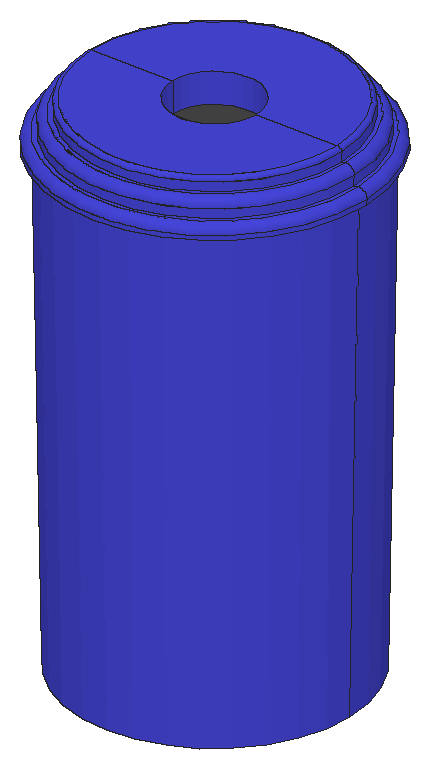
Revit family "Feuerloescher-Familie1", category Sonderausstattung, Revit 2017
Family settings
  Bemaßung runder Anschluss = Durchmesser verwenden
  Teiletyp = Normal
  OmniClass-Nummer = 23.15.30.21.11
  OmniClass-Titel = Bins
  Arbeitsebenenbasiert = Nein
  Immer vertikal = Ja
  Beim Laden mit Abzugskörper schneiden = Nein
  Gemeinsam genutzt = Nein
  Raumberechnungspunkt = Nein
Parameters (values of type "55A/233B")
  Typenbild = 55A-233B.jpg
  Loescheinheit = 15
  Kosten = 200
  Beschreibung = "Feuerloescher"
Types (11, lengths in mm): name | Typenbild | Loescheinheit | Kosten
  (no name) | 55A-233B.jpg | 15 | 200
  5A/21B | 5A-21B.jpg | 1 | 20
  8A/34B | 8A-34B.jpg | 2 | 40
  55B | 55B.jpg | 3 | 60
  13A/70B | 13A-70B.jpg | 4 | 80
  89B | 89B.jpg | 5 | 100
  21A/113B | 21A-113B.jpg | 6 | 120
  27A/144B | 27A-144B.jpg | 9 | 140
  34A | 34A.jpg | 10 | 160
  43A/183B | 43A-183B.jpg | 12 | 180
  55A/233B | 55A-233B.jpg | 15 | 200
Reference planes
  plane 1 "Mitte (Vorne/hinten)": y = 0
  plane 2: z = 0
  plane 3 "Mitte (Links/rechts)": x = 0
  plane 4: x = -215.9
  plane 5: x = 215.9
  plane 6: y = 215.9
  plane 7: y = -215.9
Forms (mm)
  Blend 1, solid, material "Kunststoff - Blau"
    base sketch origin (0, 0, 0) x (1, 0, 0) y (0, 1, 0)
      loop
        circle (0, 0) r 203.2
    top sketch origin (0, 0, 0) x (1, 0, 0) y (0, 1, 0)
      loop
        circle (0, 0) r 215.9
    from 0 to 698.5
  Revolve 2, solid, material "Kunststoff - Blau"
    sketch origin (0, 0, 0) x (1, 0, 0) y (0, 0, 1)
      loop
        line (0, 698.5) -> (228.6, 698.5) -> (228.6, 704.85)
        arc (228.6, 704.85) -> (224.88, 713.83) -> (215.9, 717.55) r 12.7
        line (215.9, 717.55) -> (209.55, 717.55) -> (209.55, 730.25)
        arc (209.55, 730.25) -> (205.83, 739.23) -> (196.85, 742.95) r 12.7
        line (196.85, 742.95) -> (190.5, 742.95) -> (190.5, 755.65)
        arc (190.5, 755.65) -> (188.64, 760.14) -> (184.15, 762) r 6.35
        line (184.15, 762) -> (63.5, 762) -> (63.5, 717.55) -> (0, 717.55) -> (0, 698.5)
      axis (0, 698.5) -> (0, 762)
    angle from 0 to 360
Lines and regions (mm)
  symbolic lines, detail levels medium+fine
    curve 1: line (-40.173, -263.525, 502.762) -> (-15.366, -263.525, 545.728)
    curve 2: line (-15.366, -263.525, 545.728) -> (19.853, -263.525, 545.728)
    curve 3: line (19.853, -263.525, 545.728) -> (38.101, -263.525, 514.121)
    curve 4: line (38.101, -263.525, 514.121) -> (49.66, -263.525, 520.903)
    curve 5: line (49.66, -263.525, 520.903) -> (34.28, -263.525, 489.798)
    curve 6: line (34.28, -263.525, 489.798) -> (-0.384, -263.525, 491.952)
    curve 7: line (-0.384, -263.525, 491.952) -> (11.616, -263.525, 498.993)
    curve 8: line (11.616, -263.525, 498.993) -> (-15.088, -263.525, 544.506)
    curve 9: line (2.423, -263.525, 514.661) -> (-13.57, -263.525, 487.403)
    curve 10: line (-13.57, -263.525, 487.403) -> (-40.173, -263.525, 502.762)
    curve 11: line (28.308, -263.525, 474.385) -> (55.076, -263.525, 489.839)
    curve 12: line (55.076, -263.525, 489.839) -> (79.89, -263.525, 446.861)
    curve 13: line (79.89, -263.525, 446.861) -> (62.174, -263.525, 416.668)
    curve 14: line (62.174, -263.525, 416.668) -> (26.143, -263.525, 416.668)
    curve 15: line (26.143, -263.525, 416.668) -> (26.143, -263.525, 402.133)
    curve 16: line (26.143, -263.525, 402.133) -> (6.508, -263.525, 431.586)
    curve 17: line (6.508, -263.525, 431.586) -> (25.922, -263.525, 460.707)
    curve 18: line (25.922, -263.525, 460.707) -> (25.922, -263.525, 446.747)
    curve 19: line (25.922, -263.525, 446.747) -> (44.525, -263.525, 446.747)
    curve 20: line (28.308, -263.525, 474.385) -> (62.174, -263.525, 416.668)
    curve 21: line (-66.486, -263.525, 483.221) -> (-29.761, -263.525, 485.331)
    curve 22: line (-29.761, -263.525, 485.331) -> (-14.525, -263.525, 453.966)
    curve 23: line (-14.525, -263.525, 453.966) -> (-26.546, -263.525, 460.793)
    curve 24: line (-26.546, -263.525, 460.793) -> (-35.859, -263.525, 444.398)
    curve 25: line (-70.89, -263.525, 444.398) -> (-4.109, -263.525, 444.398)
    curve 26: line (-4.109, -263.525, 444.398) -> (-4.109, -263.525, 414.529)
    curve 27: line (-4.109, -263.525, 414.529) -> (-53.645, -263.525, 414.529)
    curve 28: line (-53.645, -263.525, 414.529) -> (-70.89, -263.525, 444.398)
    curve 29: line (-70.89, -263.525, 444.398) -> (-53.136, -263.525, 476.62)
    curve 30: line (-53.136, -263.525, 476.62) -> (-66.486, -263.525, 483.221)
  symbolic lines, not visible, detail levels medium+fine
    curve 31: line (-40.173, -263.525, 471.012) -> (-15.366, -263.525, 513.978)
    curve 32: line (-15.366, -263.525, 513.978) -> (19.853, -263.525, 513.978)
    curve 33: line (19.853, -263.525, 513.978) -> (38.101, -263.525, 482.371)
    curve 34: line (38.101, -263.525, 482.371) -> (49.66, -263.525, 489.153)
    curve 35: line (49.66, -263.525, 489.153) -> (34.28, -263.525, 458.048)
    curve 36: line (34.28, -263.525, 458.048) -> (-0.384, -263.525, 460.202)
    curve 37: line (-0.384, -263.525, 460.202) -> (11.616, -263.525, 467.243)
    curve 38: line (11.616, -263.525, 467.243) -> (-15.088, -263.525, 512.756)
    curve 39: line (2.423, -263.525, 482.911) -> (-13.57, -263.525, 455.653)
    curve 40: line (-13.57, -263.525, 455.653) -> (-40.173, -263.525, 471.012)
    curve 41: line (28.308, -263.525, 442.635) -> (55.076, -263.525, 458.089)
    curve 42: line (55.076, -263.525, 458.089) -> (79.89, -263.525, 415.111)
    curve 43: line (79.89, -263.525, 415.111) -> (62.174, -263.525, 384.918)
    curve 44: line (62.174, -263.525, 384.918) -> (26.143, -263.525, 384.918)
    curve 45: line (26.143, -263.525, 384.918) -> (26.143, -263.525, 370.383)
    curve 46: line (26.143, -263.525, 370.383) -> (6.508, -263.525, 399.836)
    curve 47: line (6.508, -263.525, 399.836) -> (25.922, -263.525, 428.957)
    curve 48: line (25.922, -263.525, 428.957) -> (25.922, -263.525, 414.997)
    curve 49: line (25.922, -263.525, 414.997) -> (44.525, -263.525, 414.997)
    curve 50: line (28.308, -263.525, 442.635) -> (62.174, -263.525, 384.918)
    curve 51: line (-66.486, -263.525, 451.471) -> (-29.761, -263.525, 453.581)
    curve 52: line (-29.761, -263.525, 453.581) -> (-14.525, -263.525, 422.216)
    curve 53: line (-14.525, -263.525, 422.216) -> (-26.546, -263.525, 429.043)
    curve 54: line (-26.546, -263.525, 429.043) -> (-35.859, -263.525, 412.648)
    curve 55: line (-70.89, -263.525, 412.648) -> (-4.109, -263.525, 412.648)
    curve 56: line (-4.109, -263.525, 412.648) -> (-4.109, -263.525, 382.779)
    curve 57: line (-4.109, -263.525, 382.779) -> (-53.645, -263.525, 382.779)
    curve 58: line (-53.645, -263.525, 382.779) -> (-70.89, -263.525, 412.648)
    curve 59: line (-70.89, -263.525, 412.648) -> (-53.136, -263.525, 444.87)
    curve 60: line (-53.136, -263.525, 444.87) -> (-66.486, -263.525, 451.471)
  symbolic lines
    curve 61: circle (0, 0, 0) r 63.5 normal (0, 0, 1)
    curve 62: arc (190.5, 0, 0) -> (0, 190.5, 0) -> (-190.5, 0, 0) r 190.5
    curve 63: arc (-190.5, 0, 0) -> (0, -190.5, 0) -> (190.5, 0, 0) r 190.5
Dimensions and locks
  locked: Revolve 2 to curve 2 at 152.772
